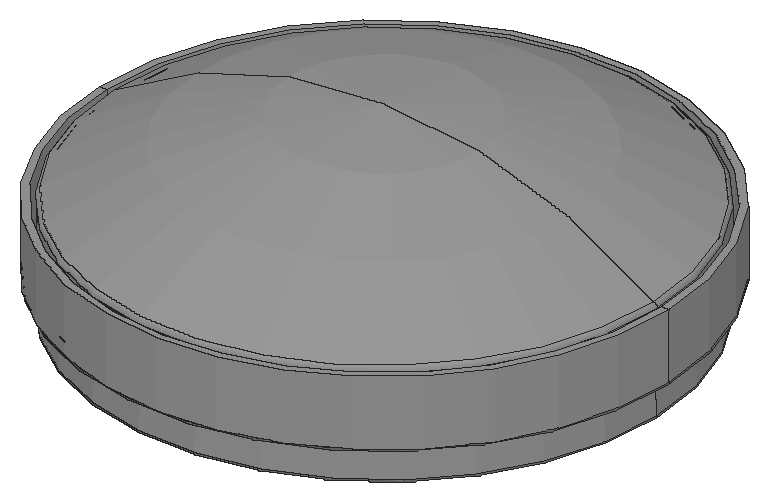
Revit family "3034800 Sylvania Lighting Fixture GIOTTO335 LED G2 4000K SURFACE 1-10V", category Lighting Fixtures, host Face, Revit 2016
Family settings
  Host = Face
  Part Type = Normal
  Round Connector Dimension = Use Diameter
  OmniClass Number = 23.80.70.00
  OmniClass Title = Lighting
  Cut with Voids When Loaded = No
  Light Source = Yes
  Shared = No
  Room Calculation Point = No
Parameters (values of type "3034800 GIOTTO335 LED G2 SURFACE 4000K 1-10V")
  Weight = "1.2 kg"
  Wattage Comments = ""
  Wattage = 23 W
  WarrantyStartDate [instance] = "n/a"
  WarrantyGuarantorParts = "n/a"
  WarrantyDurationUnit = "n/a"
  WarrantyDurationParts = "n/a"
  WarrantyDescription = "n/a"
  built-in parameter 1150110 = 1 (stored number, unit not read)
  Voltage = 230 V
  URL = "http://www.sylvania-lighting.com"
  TypeName = "GIOTTO335 LED G2 4000K SURFACE 1-10V"
  Type Image = <None>
  Type Comments = "n/a"
  built-in parameter 1114217 = 1 (stored number, unit not read)
  Tilt Angle = -90.00°
  built-in parameter 1150109 = 1 (stored number, unit not read)
  built-in parameter 1150134 = 12
  built-in parameter 1150113 = 1 (stored number, unit not read)
  SerialNumber [instance] = "n/a"
  Photometric Web File = "3034800.ies"
  Material_3_SYL = LED-Sylvania
  PowerFactor = 0
  PowerConsumption = "23 W"
  NominalLength = 335 mm
  NominalHeight = 110 mm
  NominalDepth = 335 mm
  Name = "GIOTTO335 LED G2 4000K SURFACE 1-10V"
  ModelReference = Name  # "GIOTTO335 LED G2 4000K SURFACE 1-10V"
  ModelNumber = "3034800"
  Model = Name  # "GIOTTO335 LED G2 4000K SURFACE 1-10V"
  Material = "polycarbonate housing, polycarbonate diffuser"
  ManufacturerName = "Feilo Sylvania"
  Manufacturer = "Feilo Sylvania"
  LuminousEfficacy = "97 lm/W"
  built-in parameter 1150105 = 685.38 (stored number, unit not read)
  Lumens = 2231 lm
  LuminaireType = ""
  built-in parameter 1150115 = 1 (stored number, unit not read)
  LightOutputRatio = "n/a"
  built-in parameter 1150137 = (empty or 0)
  built-in parameter 1150139 = (empty or 0)
  LampsType = Lamp  # "LED"
  LampNominalLuminous = "2225 lm"
  LampMacAdamStep = "n/a"
  LampColourTemperature = "4000 K"
  LampColourRenderingIndex = "80"
  built-in parameter 1150112 = 1 (stored number, unit not read)
  built-in parameter 1150114 = 1 (stored number, unit not read)
  Lamp = "LED"
  Keynote = "16500"
  InstallationDate [instance] = "n/a"
  InputVoltage = "n/a"
  InputNominalFrequency = "n/a"
  built-in parameter 1150132 = (empty or 0)
  built-in parameter 1150102 = (empty or 0)
  built-in parameter 1150107 = 4000 (stored number, unit not read)
  built-in parameter 1150138 = (empty or 0)
  IngressProtection = "IP44"
  ImpactProtectionIndex = "IK10"
  built-in parameter 1150106 = 6.8538 (stored number, unit not read)
  IfcExportType = "IfcLightFixtureType"
  IfcExportAs = "IfcLightFixtureType"
  Height_SYL = 110 mm
  ExpectedLife = 50000
  Emit from Circle Diameter = 317 mm
  Emit Shape Visible in Rendering = no
  ElectricShockClassification = "Class I"
  built-in parameter 1150104 = 9.0116 (stored number, unit not read)
  DurationUnit = "hours"
  DocumentationLiterature = "http://www.sylvania-lighting.com/product/en-int/products/3034800"
  DimmingControlOptions = "n/a"
  Material_2_SYL = Polycarbonate_Sylvania_Giotto_Opal
  Dimming Lamp Color Temperature Shift = <None>
  DiffuserRadius_SYL = 282.611 mm
  Diameter_SYL = 335 mm
  Description = "Ambient and decorative round, surface mounted LED bulkhead luminaire. White robust polycarbonate body with opal diffuser, 2225 lm, 23W, 97lm/W, 4000K, CRI 80, 1-10V dimmable, 50,000 hours lumen maintenance. Drive current: 700mA, IP44, IK10, Class I, 220-240V, Energy class: A++, A+, A."
  Default Elevation = 1219.2 mm
  CreatedOn = "9/13/2018"
  CreatedBy = "@sylvania-lighting.com"
  Cost = 0
  Color Filter = 16777215
  built-in parameter 1114216 [instance] = (empty or 0)
  ClassificationValue = "EF_70_80"
  ClassificationName = "Uniclass2015"
  Material_1_SYL = Polycarbonate_Sylvania_Giotto_White
  BarCode [instance] = "n/a"
  built-in parameter 1114218 = 1 (stored number, unit not read)
  built-in parameter 1150133 = 10 (stored number, unit not read)
  AssetType = "Fixed"
  AssetIdentifier [instance] = "n/a"
  Assembly Code = "D5020200"
  Apparent Load = 23 VA
  Material_4_SYL = none
Reference planes
  plane 1 "Center (Front/Back)": y = 0
  plane 2: z = 0
  plane 3 "Center (Left/Right)": x = 0
  plane 4: x = 167.5
  plane 5: x = -167.5
  plane 6: x = -160.5
  plane 7: x = -163.5
  plane 8: z = 110
  plane 9: z = 60
  plane 10: z = 20
  plane 11: z = 25
  plane 12: x = -165.9
  plane 13: z = 21.6
  plane 14: z = 1.6
  plane 15: x = -158.9
  plane 16: z = 19
  plane 17: x = -161.5
  plane 18: z = 26
Forms (mm)
  Revolve 1, solid, material "Polycarbonate_Sylvania_Giotto_White" <- "Material_1_SYL"
    sketch origin (0, 0, 0) x (1, 0, 0) y (0, 0, 1)
      loop
        line (0, 0) -> (0, 26) -> (-158.9, 26) -> (-158.9, 25) -> (-163.5, 25) -> (-163.5, 60) -> (-167.5, 60) -> (-167.5, 21.6)
        arc (-167.5, 21.6) -> (-167.031, 20.469) -> (-165.9, 20) r 1.6
        line (-165.9, 20) -> (-160.5, 20)
        arc (-160.5, 20) -> (-160.193, 19.541) -> (-160.086, 19) r 1.414
        line (-160.086, 19) -> (-160.5, 1.6)
        arc (-160.5, 1.6) -> (-160.031, 0.469) -> (-158.9, 0) r 1.6
        line (-158.9, 0) -> (0, 0)
      axis (0, 60) -> (0, 0)
    angle from 360 to 0
  Revolve 2, solid, material "Polycarbonate_Sylvania_Giotto_Opal" <- "Material_2_SYL"
    sketch origin (0, 0, 0) x (1, 0, 0) y (0, 0, 1)
      loop
        line (-160.5, 25) -> (-158.5, 25) -> (-158.5, 57.891)
        arc (-158.5, 57.891) -> (-158.267, 58.827) -> (-157.623, 59.545) r 2
        arc (-157.623, 59.545) -> (-82.451, 95.612) -> (0, 107.998) r 280.611
        line (0, 107.998) -> (0, 109.998)
        arc (0, 109.998) -> (-83.039, 97.523) -> (-158.747, 61.2) r 282.611
        arc (-158.747, 61.2) -> (-160.035, 59.763) -> (-160.5, 57.891) r 4
        line (-160.5, 57.891) -> (-160.5, 25)
      axis (0, 109.998) -> (0, 25)
    angle from 360 to 0
Dimensions and locks
  equal spacing: plane 4, plane 3 "Center (Left/Right)", plane 5
  "Diameter_SYL": plane 4 to plane 5
  locked: plane 6 to plane 5 at 7
  locked: plane 7 to plane 5 at 4
  "Height_SYL": plane 8 to plane 2
  locked: plane 8 to plane 9 at 50
  locked: plane 9 to plane 10 at 40
  Revolve 1 sketch curve to Revolve 1 sketch curve = 5.4 mm
  locked: plane 11 to plane 10 at 5
  locked: plane 12 to plane 5 at 1.6
  locked: plane 13 to plane 10 at 1.6
  locked: plane 14 to plane 2 at 1.6
  locked: plane 15 to plane 6 at 1.6
  locked: plane 6 to plane 17 at 1
  locked: plane 10 to plane 16 at 1
  locked: plane 18 to plane 11 at 1
  "DiffuserRadius_SYL": radius of Revolve 2 sketch curve
  aligned and locked: plane 2 to host face
  aligned and locked: level to host face
  aligned and locked: Revolve 1 sketch curve to plane 3 "Center (Left/Right)"
  aligned and locked: level to Revolve 1 sketch curve
  aligned and locked: Revolve 1 sketch curve to plane 10
  aligned and locked: plane 9 to Revolve 1 sketch curve
  aligned and locked: Revolve 1 sketch curve to plane 7
  aligned and locked: plane 12 to Revolve 1 sketch curve  (x2)
  aligned and locked: plane 13 to Revolve 1 sketch curve  (x2)
  aligned and locked: plane 17 to Revolve 1 sketch curve
  aligned and locked: plane 16 to Revolve 1 sketch curve  (x2)
  aligned and locked: plane 15 to Revolve 1 sketch curve  (x3)
  aligned and locked: plane 14 to Revolve 1 sketch curve  (x2)
  aligned and locked: Revolve 2 sketch curve to plane 3 "Center (Left/Right)"
  aligned and locked: plane 6 to Revolve 2 sketch curve
  aligned and locked: Revolve 2 sketch curve to Revolve 2 sketch curve
  aligned and locked: plane 3 "Center (Left/Right)" to imposter light
  aligned and locked: imposter light to plane 1 "Center (Front/Back)"
  aligned and locked: plane 18 to Revolve 1 sketch curve
  aligned and locked: plane 11 to Revolve 1 sketch curve
  aligned and locked: plane 11 to Revolve 2 sketch curve
  aligned and locked: plane 3 "Center (Left/Right)" to Revolve 2 sketch curve
  aligned and locked: imposter light to plane 8
Automatic sketch dimensions
  host sketch curve to host sketch curve = 2438.4 mm  (x2)
  Revolve 1 sketch curve to plane 3 "Center (Left/Right)" = 0 mm
  Revolve 1 sketch curve to level = 609.6 mm
  Revolve 1 sketch curve to plane 8 = 2499.058 mm
  Revolve 2 sketch curve to Revolve 2 sketch curve = 0 mm  (x3)
  plane 15 to Revolve 2 sketch curve = 0.4 mm
  Revolve 2 sketch curve to Revolve 2 sketch curve = 2 mm  (x2)
  Revolve 2 sketch curve to level = 172.613 mm
  plane 9 to Revolve 2 sketch curve = 2.109 mm
  Revolve 2 sketch curve to Revolve 2 sketch curve = 436.987 mm
  Revolve 2 sketch curve to plane 8 = 2499.058 mm
Connectors
  electrical at (0, 0, 0), driven by "Apparent Load", driven by "PowerFactor", driven by "Voltage"
    settings: index 1, voltage 230 V, apparent load 23 VA, apparent load phase1 0 VA, apparent load phase2 0 VA, apparent load phase3 0 VA, power factor 0, load classification "Lighting", number of poles 1, system type 30, power factor state 1, is connector primary yes, connector utility no, sub classification motor no, connector description ""
